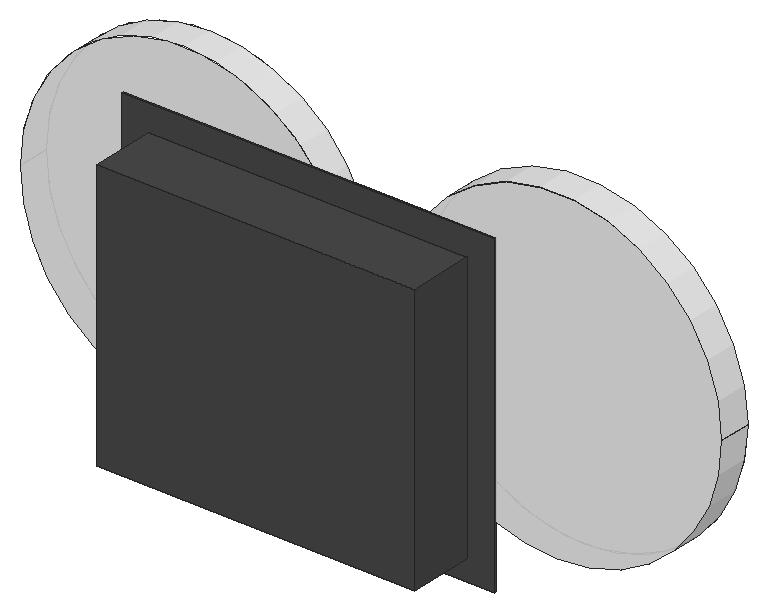
Revit family "3-5050-xx-xx Axiom Wall Sconce", category Luminarias, Revit 2021
Family settings
  Anfitrión = Muro
  Cota de conector redondo = Diámetro de uso
  Tipo de pieza = Normal
  Número OmniClass = 23.80.70.00
  Título OmniClass = Lighting
  Siempre vertical = Sí
  Corte con vacíos al cargar = No
  Origen de luz = Sí
  Compartido = No
  Punto de cálculo de habitación = No
Parameters (values of type "3-5050-15 / Black - ice acrylic")
  Ángulo de inclinación = 90.00°  # constant formula
  Elevación por defecto = 0 mm
  Diffuser = Ice Acrylic
  Comentarios de vataje = "1 x 7.84 W at 120 V"  # constant formula
  Wattage = 12.1794 W
  built-in parameter 1150110 = 1 (stored number, unit not read)
  Voltage Input = "120 V or 277 V - 50/60 Hz"  # constant formula
  Voltage = 120 V
  URL = "www.oxygenlighting.com"
  built-in parameter 1114217 = 1 (stored number, unit not read)
  built-in parameter 1150109 = 1 (stored number, unit not read)
  built-in parameter 1150134 = (empty or 0)
  built-in parameter 1150113 = 1 (stored number, unit not read)
  References = "Ref. 3 = 120 V / Ref. 37 = 277 V"  # constant formula
  Modelo = "3-5050-xx / Axiom Wall Sconce"  # constant formula
  Metal Finish 1 = 15 - Black
  Fabricante = "Oxygen Lighting and Fans"  # constant formula
  Lumens = 271.6 lm
  built-in parameter 1150115 = 1 (stored number, unit not read)
  built-in parameter 1150105 = 21.613 (stored number, unit not read)
  built-in parameter 1150137 = (empty or 0)
  built-in parameter 1150139 = (empty or 0)
  built-in parameter 1150112 = 1 (stored number, unit not read)
  built-in parameter 1150114 = 1 (stored number, unit not read)
  Lámpara = "LED Array"  # constant formula
  built-in parameter 1150132 = 2
  built-in parameter 1150102 = (empty or 0)
  built-in parameter 1150138 = (empty or 0)
  built-in parameter 1150107 = 3000 (stored number, unit not read)
  built-in parameter 1150106 = 0.21613 (stored number, unit not read)
  built-in parameter 1150104 = 2.0717 (stored number, unit not read)
  Dimming Lamp Color Temperature Shift = (empty or 0)
  Color Filter = 16777215
  built-in parameter 1114218 = 1 (stored number, unit not read)
  Archivo de red fotométrica = "3-5050-40 Axiom 2LT.ies"
  built-in parameter 1150133 = 10 (stored number, unit not read)
Types (2, lengths in mm): name | Metal Finish 1
  3-5050-15 / Black - ice acrylic | 15 - Black
  3-5050-40 / Aged Brass - Ice Acrylic | 40 - Aged Brass
Reference planes
  plane 1: y = 0
  plane 2 "Light Source Axis (L/R)": x = 125
  plane 3 "Light Source Axis (F/R)": y = 167.5
  plane 4 "Light Source Elevation": z = 901.371
  plane 5: y = 75
  plane 6: z = 827.5
Text (mm)
  text "Placement side" at (-1787.139, 1116.779, 0), in view "Ref. Level"
  text "Placement side" at (0, 2110.396, 2986.058), in view "Left"
  text "Placement side" at (0, 628.478, 3011.967), in view "Right"
Dimensions and locks
  locked: plane 3 "Light Source Axis (F/R)" to plane 5 at 92.5
  locked: plane 6 to plane 4 "Light Source Elevation" at 73.871
  aligned and locked: plane 1 to host wall
  aligned and locked: plane 5 to host wall
  aligned and locked: plane 3 "Light Source Axis (F/R)" to imposter light
  aligned and locked: nested 1 to plane 6
  aligned and locked: plane 4 "Light Source Elevation" to imposter light
  aligned and locked: imposter light to plane 2 "Light Source Axis (L/R)"
Nested families
  nested 1: "Family1" at (125, 75, 899.714) x (-1, 0, 0) z (0, 0, 1), type "Family1"
Definition of nested family "Family1"
  Parameters (values of type "Family1")
    Metal finish 2 = none
    Metal Finish 1 = none
    Default Elevation = 0 mm
    Diffuser = none
  Reference planes
    plane 1 "Center (Front/Back)": y = 0
    plane 2: z = 0
    plane 3 "Center (Left/Right)": x = 0
  Forms (mm)
    Extrusion 1, solid, material <- "Metal Finish 1"
      sketch origin (0, 0, 0) x (1, 0, 0) y (0, 0, 1)
        loop
          line (-72.214, 60) -> (-72.214, -62.591) -> (72.214, -62.591) -> (72.214, 60) -> (-72.214, 60)
      from 0 to 29.882
    Extrusion 2, solid, material <- "Metal Finish 1"
      sketch origin (0, 0, 0) x (1, 0, 0) y (0, 1, 0)
        loop
          line (-84.665, -29.882) -> (-84.665, -30.878) -> (84.665, -30.878) -> (84.665, -29.882) -> (-84.665, -29.882)
      from -72.214 to 71.773
    Revolve 3, solid, material <- "Metal Finish 1"
      sketch origin (0, 0, 0) x (1, 0, 0) y (0, 1, 0)
        loop
          line (7.47, -30.878) -> (0, -30.878) -> (0, -60.76) -> (7.47, -60.76) -> (7.47, -30.878)
        axis (0, -30.878) -> (0, -60.76)
      angle from 0 to 360
    Extrusion 4, solid, material <- "Metal Finish 1"
      sketch origin (0, 0, 0) x (1, 0, 0) y (0, 0, 1)
        loop
          line (-29.667, 19.921) -> (-29.667, -19.921) -> (29.667, -19.921) -> (29.667, 19.921) -> (-29.667, 19.921)
      from 60.76 to 85.661
    Extrusion 5, solid, material <- "Diffuser"
      sketch origin (0, 0, 0) x (1, 0, 0) y (0, 0, 1)
        loop
          circle (-84.674, 0) r 74.705
        loop
          circle (84.674, 0) r 74.705
      from 65.74 to 80.681
  Dimensions and locks
    aligned and locked: level to plane 2
